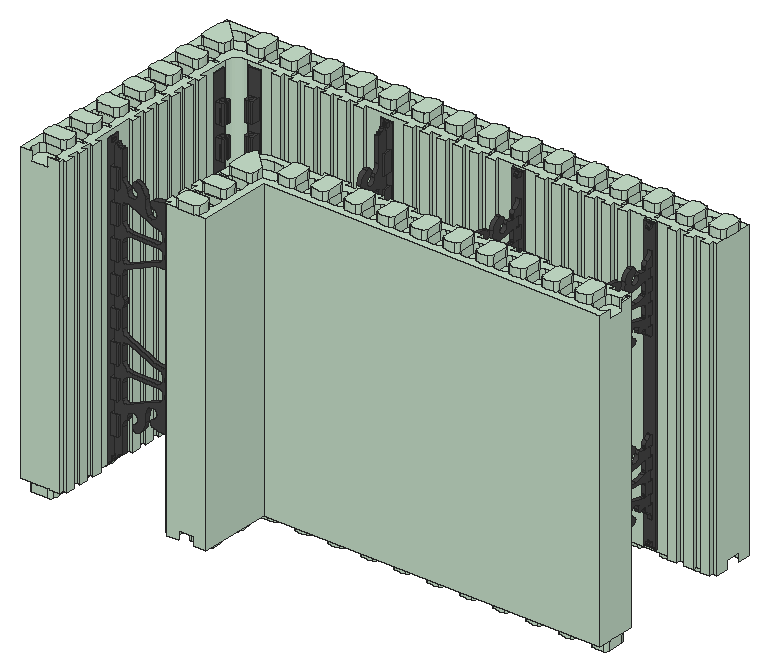
Revit family (continued)
Definition of nested family "6-inch Web"
  Forms (in)
    Extrusion 1, solid, material "Polypropylene- NUDURA"
      sketch origin (0, 0, -0.5) x (0, 1, 0) y (0, 0, 1)
        loop
          arc (1.77171, 12.63104) -> (1.74446, 13.18492) -> (2.18179, 12.84395) r 0.305
          arc (2.18179, 12.84395) -> (2.20889, 12.75657) -> (2.29847, 12.73805) r 0.09
          arc (2.29847, 12.73805) -> (2.49379, 12.78721) -> (2.695, 12.79623) r 1
          line (2.695, 12.79623) -> (2.80974, 12.79623) -> (2.80974, 12.7262) -> (2.7525, 12.7262)
          arc (2.7525, 12.7262) -> (2.7083, 12.7079) -> (2.69, 12.6637) r 0.0625
          line (2.69, 12.6637) -> (2.69, 12.5962)
          arc (2.69, 12.5962) -> (2.73587, 12.45187) -> (2.85666, 12.3605) r 0.25
          arc (2.85666, 12.3605) -> (2.98601, 12.29206) -> (3.09, 12.1891) r 0.5
          line (3.09, 12.1891) -> (3.19, 12.1891) -> (3.19, 12.7887)
          arc (3.19, 12.7887) -> (3.17169, 12.74451) -> (3.1275, 12.7262) r 0.0625
          line (3.1275, 12.7262) -> (2.8844, 12.7262) -> (2.8844, 12.79623) -> (2.995, 12.79623) -> (2.995, 13.2962) -> (2.8844, 13.2962) -> (2.8844, 13.3662) -> (3.1275, 13.3662)
          arc (3.1275, 13.3662) -> (3.17169, 13.3479) -> (3.19, 13.3037) r 0.0625
          line (3.19, 13.3037) -> (3.19, 14.0887)
          arc (3.19, 14.0887) -> (3.17169, 14.04451) -> (3.1275, 14.0262) r 0.0625
          line (3.1275, 14.0262) -> (2.8844, 14.0262) -> (2.8844, 14.0962) -> (2.995, 14.0962) -> (2.995, 14.5962) -> (2.8844, 14.5962) -> (2.8844, 14.6662) -> (3.1275, 14.6662)
          arc (3.1275, 14.6662) -> (3.17169, 14.6479) -> (3.19, 14.6037) r 0.0625
          line (3.19, 14.6037) -> (3.19, 15.3887)
          arc (3.19, 15.3887) -> (3.17169, 15.34451) -> (3.1275, 15.3262) r 0.0625
          line (3.1275, 15.3262) -> (2.8844, 15.3262) -> (2.8844, 15.3962) -> (2.995, 15.3962)
        loop
          line (0.38913, 14.4362) -> (1.98527, 14.4362)
          arc (1.98527, 14.4362) -> (2.29477, 14.47239) -> (2.59139, 14.56787) r 1.6
          arc (2.59139, 14.56787) -> (2.64143, 14.5885) -> (2.695, 14.5962) r 0.21872
          line (2.695, 14.5962) -> (2.80974, 14.5962) -> (2.80974, 14.6662) -> (2.7525, 14.6662)
          arc (2.7525, 14.6662) -> (2.7083, 14.68451) -> (2.69, 14.7287) r 0.0625
          line (2.69, 14.7287) -> (2.69, 15.2637)
          arc (2.69, 15.2637) -> (2.7083, 15.3079) -> (2.7525, 15.3262) r 0.0625
          line (2.7525, 15.3262) -> (2.80974, 15.3262) -> (2.80974, 15.3962) -> (2.695, 15.3962)
          arc (2.695, 15.3962) -> (2.62256, 15.38693) -> (2.551, 15.3724) r 1
          line (2.551, 15.3724) -> (0.33976, 14.89084)
          arc (0.33976, 14.89084) -> (0.16047, 14.64137) -> (0.38913, 14.4362) r 0.23
        loop
          arc (2.695, 14.0962) -> (2.64143, 14.10391) -> (2.59139, 14.12453) r 0.21872
          arc (2.59139, 14.12453) -> (2.29477, 14.22002) -> (1.98527, 14.2562) r 1.6
          line (1.98527, 14.2562) -> (0.38913, 14.2562)
          arc (0.38913, 14.2562) -> (0.16047, 14.05103) -> (0.33976, 13.80156) r 0.23
          line (0.33976, 13.80156) -> (2.551, 13.32001)
          arc (2.551, 13.32001) -> (2.62256, 13.30547) -> (2.695, 13.2962) r 1
          line (2.695, 13.2962) -> (2.80974, 13.2962) -> (2.80974, 13.3662) -> (2.7525, 13.3662)
          arc (2.7525, 13.3662) -> (2.7083, 13.38451) -> (2.69, 13.4287) r 0.0625
          line (2.69, 13.4287) -> (2.69, 13.9637)
          arc (2.69, 13.9637) -> (2.7083, 14.0079) -> (2.7525, 14.0262) r 0.0625
          line (2.7525, 14.0262) -> (2.80974, 14.0262) -> (2.80974, 14.0962) -> (2.695, 14.0962)
        loop
          arc (-2.59482, 15.38194) -> (-2.64473, 15.39034) -> (-2.695, 15.3962) r 1
          line (-2.695, 15.3962) -> (-2.80974, 15.3962) -> (-2.80974, 15.3262) -> (-2.7525, 15.3262)
          arc (-2.7525, 15.3262) -> (-2.7083, 15.3079) -> (-2.69, 15.2637) r 0.0625
          line (-2.69, 15.2637) -> (-2.69, 14.7287)
          arc (-2.69, 14.7287) -> (-2.7083, 14.68451) -> (-2.7525, 14.6662) r 0.0625
          line (-2.7525, 14.6662) -> (-2.80974, 14.6662) -> (-2.80974, 14.5962) -> (-2.695, 14.5962)
          arc (-2.695, 14.5962) -> (-2.64143, 14.5885) -> (-2.59139, 14.56787) r 0.21872
          arc (-2.59139, 14.56787) -> (-2.29477, 14.47239) -> (-1.98527, 14.4362) r 1.6
          line (-1.98527, 14.4362) -> (-0.38913, 14.4362)
          arc (-0.38913, 14.4362) -> (-0.16047, 14.64137) -> (-0.33976, 14.89084) r 0.23
          line (-0.33976, 14.89084) -> (-2.59482, 15.38194)
        loop
          line (-2.695, 14.0962) -> (-2.80974, 14.0962) -> (-2.80974, 14.0262) -> (-2.7525, 14.0262)
          arc (-2.7525, 14.0262) -> (-2.7083, 14.0079) -> (-2.69, 13.9637) r 0.0625
          line (-2.69, 13.9637) -> (-2.69, 13.4287)
          arc (-2.69, 13.4287) -> (-2.7083, 13.38451) -> (-2.7525, 13.3662) r 0.0625
          line (-2.7525, 13.3662) -> (-2.80974, 13.3662) -> (-2.80974, 13.2962) -> (-2.695, 13.2962)
          arc (-2.695, 13.2962) -> (-2.62256, 13.30547) -> (-2.551, 13.32001) r 1
          line (-2.551, 13.32001) -> (-0.33976, 13.80156)
          arc (-0.33976, 13.80156) -> (-0.16047, 14.05103) -> (-0.38913, 14.2562) r 0.23
          line (-0.38913, 14.2562) -> (-1.98527, 14.2562)
          arc (-1.98527, 14.2562) -> (-2.29477, 14.22002) -> (-2.59139, 14.12453) r 1.6
          arc (-2.59139, 14.12453) -> (-2.64143, 14.10391) -> (-2.695, 14.0962) r 0.21872
        loop
          line (3.19, 18.01497) -> (3.19, 18.26376)
          arc (3.19, 18.26376) -> (3.18585, 18.24855) -> (3.17457, 18.23754) r 0.03
          line (3.17457, 18.23754) -> (3.00543, 18.14357)
          arc (3.00543, 18.14357) -> (2.99414, 18.13256) -> (2.99, 18.11735) r 0.03
          line (2.99, 18.11735) -> (2.99, 18.04614)
          arc (2.99, 18.04614) -> (2.99625, 18.03161) -> (3.01111, 18.02617) r 0.02
          line (3.01111, 18.02617) -> (3.16889, 18.03494)
          arc (3.16889, 18.03494) -> (3.18374, 18.0295) -> (3.19, 18.01497) r 0.02
        loop
          arc (-3.19, 18.01497) -> (-3.18374, 18.0295) -> (-3.16889, 18.03494) r 0.02
          line (-3.16889, 18.03494) -> (-3.01111, 18.02617)
          arc (-3.01111, 18.02617) -> (-2.99625, 18.03161) -> (-2.99, 18.04614) r 0.02
          line (-2.99, 18.04614) -> (-2.99, 18.11735)
          arc (-2.99, 18.11735) -> (-2.99414, 18.13256) -> (-3.00543, 18.14357) r 0.03
          line (-3.00543, 18.14357) -> (-3.17457, 18.23754)
          arc (-3.17457, 18.23754) -> (-3.18585, 18.24855) -> (-3.19, 18.26376) r 0.03
          line (-3.19, 18.26376) -> (-3.19, 18.01497)
      from -0.125 to 0.125
    Extrusion 2, solid, material "Polypropylene- NUDURA"
      sketch origin (0, 0, 0) x (0, 1, 0) y (0, 0, 1)
        loop
          line (3.19, 17.8125) -> (3.19, 0.1875)
          arc (3.19, 0.1875) -> (3.2092, 0.14243) -> (3.255, 0.12505) r 0.0625
          arc (3.255, 0.12505) -> (3.3008, 0.14243) -> (3.32, 0.1875) r 0.0625
          line (3.32, 0.1875) -> (3.32, 17.8125)
          arc (3.32, 17.8125) -> (3.3008, 17.85757) -> (3.255, 17.87495) r 0.0625
          arc (3.255, 17.87495) -> (3.2092, 17.85757) -> (3.19, 17.8125) r 0.0625
        loop
          arc (-3.19, 17.8125) -> (-3.2092, 17.85757) -> (-3.255, 17.87495) r 0.0625
          arc (-3.255, 17.87495) -> (-3.3008, 17.85757) -> (-3.32, 17.8125) r 0.0625
          line (-3.32, 17.8125) -> (-3.32, 0.1875)
          arc (-3.32, 0.1875) -> (-3.3008, 0.14243) -> (-3.255, 0.12505) r 0.0625
          arc (-3.255, 0.12505) -> (-3.2092, 0.14243) -> (-3.19, 0.1875) r 0.0625
          line (-3.19, 0.1875) -> (-3.19, 17.8125)
      from -0.36328 to 0.36328
Definition of nested family "6 inch Insert Web"
  Reference planes (in)
    plane 1 "Center (Front/Back)": y = 0
    plane 2: z = 0
    plane 3 "Center (Left/Right)": x = 0
  Forms (in)
    Extrusion 1, solid, material "High Density Polystyrene- NUDURA"
      sketch origin (0, 0, 0) x (0, 1, 0) y (0, 0, 1)
        loop
          line (3.25, 0) -> (3.25, 17.74583)
          arc (3.25, 17.74583) -> (3.22112, 17.72608) -> (3.21, 17.69292) r 0.055
          line (3.21, 17.69292) -> (3.21, 0.05292)
          arc (3.21, 0.05292) -> (3.22112, 0.01975) -> (3.25, 0) r 0.055
        loop
          arc (-3.25, 0) -> (-3.22112, 0.01975) -> (-3.21, 0.05292) r 0.055
          line (-3.21, 0.05292) -> (-3.21, 17.69292)
          arc (-3.21, 17.69292) -> (-3.22112, 17.72608) -> (-3.25, 17.74583) r 0.055
          line (-3.25, 17.74583) -> (-3.25, 0)
      from 0.36328 to -0.36328
    Extrusion 2, solid, material "Polypropylene- NUDURA"
      sketch origin (0, 0, 0) x (0, 1, 0) y (0, 0, 1)
        loop
          arc (3.18889, 17.40785) -> (3.20374, 17.40241) -> (3.21, 17.38789) r 0.02
          line (3.21, 17.38789) -> (3.21, 17.63668)
          arc (3.21, 17.63668) -> (3.20585, 17.62147) -> (3.19457, 17.61045) r 0.03
          line (3.19457, 17.61045) -> (3.12543, 17.57204)
          arc (3.12543, 17.57204) -> (3.11414, 17.56103) -> (3.11, 17.54582) r 0.03
          line (3.11, 17.54582) -> (3.11, 17.42461)
          arc (3.11, 17.42461) -> (3.11625, 17.41008) -> (3.13111, 17.40464) r 0.02
          line (3.13111, 17.40464) -> (3.18889, 17.40785)
        loop
          line (-3.12543, 17.57204) -> (-3.19457, 17.61045)
          arc (-3.19457, 17.61045) -> (-3.20585, 17.62147) -> (-3.21, 17.63668) r 0.03
          line (-3.21, 17.63668) -> (-3.21, 17.38789)
          arc (-3.21, 17.38789) -> (-3.20374, 17.40241) -> (-3.18889, 17.40785) r 0.02
          line (-3.18889, 17.40785) -> (-3.13111, 17.40464)
          arc (-3.13111, 17.40464) -> (-3.11625, 17.41008) -> (-3.11, 17.42461) r 0.02
          line (-3.11, 17.42461) -> (-3.11, 17.54582)
          arc (-3.11, 17.54582) -> (-3.11414, 17.56103) -> (-3.12543, 17.57204) r 0.03
        loop
          line (3.18889, 0.33798) -> (3.13111, 0.34119)
          arc (3.13111, 0.34119) -> (3.11625, 0.33575) -> (3.11, 0.32122) r 0.02
          line (3.11, 0.32122) -> (3.11, 0.20001)
          arc (3.11, 0.20001) -> (3.11414, 0.1848) -> (3.12543, 0.17379) r 0.03
          line (3.12543, 0.17379) -> (3.19457, 0.13538)
          arc (3.19457, 0.13538) -> (3.20585, 0.12437) -> (3.21, 0.10915) r 0.03
          line (3.21, 0.10915) -> (3.21, 0.35795)
          arc (3.21, 0.35795) -> (3.20374, 0.34342) -> (3.18889, 0.33798) r 0.02
        loop
          arc (-3.12543, 0.17379) -> (-3.11414, 0.1848) -> (-3.11, 0.20001) r 0.03
          line (-3.11, 0.20001) -> (-3.11, 0.32122)
          arc (-3.11, 0.32122) -> (-3.11625, 0.33575) -> (-3.13111, 0.34119) r 0.02
          line (-3.13111, 0.34119) -> (-3.18889, 0.33798)
          arc (-3.18889, 0.33798) -> (-3.20374, 0.34342) -> (-3.21, 0.35795) r 0.02
          line (-3.21, 0.35795) -> (-3.21, 0.10915)
          arc (-3.21, 0.10915) -> (-3.20585, 0.12437) -> (-3.19457, 0.13538) r 0.03
          line (-3.19457, 0.13538) -> (-3.12543, 0.17379)
        loop
          line (3, 17.20772) -> (2.925, 17.43772)
          arc (2.925, 17.43772) -> (2.875, 17.46772) -> (2.825, 17.43772) r 0.05667
          line (2.825, 17.43772) -> (2.77609, 17.28772) -> (2.64893, 17.28772)
          arc (2.64893, 17.28772) -> (2.61433, 17.27339) -> (2.6, 17.2388) r 0.04893
          line (2.6, 17.2388) -> (2.6, 17.20772) -> (2.5, 17.20772) -> (2.5, 15.69241)
          arc (2.5, 15.69241) -> (2.43087, 15.42546) -> (2.24086, 15.22561) r 0.55
          arc (2.24086, 15.22561) -> (2.19232, 15.16934) -> (2.1843, 15.09547) r 0.125
          arc (2.1843, 15.09547) -> (1.73923, 14.76887) -> (1.77171, 15.31996) r 0.305
          arc (1.77171, 15.31996) -> (1.89426, 15.60593) -> (1.60829, 15.72848) r 0.22
          arc (1.60829, 15.72848) -> (1.25428, 15.43329) -> (1.14171, 14.98632) r 0.745
          arc (1.14171, 14.98632) -> (1.09808, 14.57137) -> (0.96932, 14.1745) r 2
          arc (0.96932, 14.1745) -> (0.47025, 14.17077) -> (0.63581, 14.64159) r 0.305
          arc (0.63581, 14.64159) -> (0.81067, 14.86591) -> (0.64859, 15.09964) r 0.24
          arc (0.64859, 15.09964) -> (0.32877, 15.18052) -> (0, 15.20772) r 2
          arc (0, 15.20772) -> (-0.32877, 15.18052) -> (-0.64859, 15.09964) r 2
          arc (-0.64859, 15.09964) -> (-0.81067, 14.86591) -> (-0.63581, 14.64159) r 0.24
          arc (-0.63581, 14.64159) -> (-0.47025, 14.17077) -> (-0.96932, 14.1745) r 0.305
          arc (-0.96932, 14.1745) -> (-1.09808, 14.57137) -> (-1.14171, 14.98632) r 2
          arc (-1.14171, 14.98632) -> (-1.25428, 15.43329) -> (-1.60829, 15.72848) r 0.745
          arc (-1.60829, 15.72848) -> (-1.89426, 15.60593) -> (-1.77171, 15.31996) r 0.22
          arc (-1.77171, 15.31996) -> (-1.73923, 14.76887) -> (-2.1843, 15.09547) r 0.305
          arc (-2.1843, 15.09547) -> (-2.19232, 15.16934) -> (-2.24086, 15.22561) r 0.125
          arc (-2.24086, 15.22561) -> (-2.43087, 15.42546) -> (-2.5, 15.69241) r 0.55
          line (-2.5, 15.69241) -> (-2.5, 17.20772) -> (-2.6, 17.20772) -> (-2.6, 17.2388)
          arc (-2.6, 17.2388) -> (-2.61433, 17.27339) -> (-2.64893, 17.28772) r 0.04893
          line (-2.64893, 17.28772) -> (-2.77609, 17.28772) -> (-2.825, 17.43772)
          arc (-2.825, 17.43772) -> (-2.875, 17.46772) -> (-2.925, 17.43772) r 0.05667
          line (-2.925, 17.43772) -> (-3, 17.20772) -> (-3, 0.66519) -> (-2.925, 0.43519)
          arc (-2.925, 0.43519) -> (-2.875, 0.40519) -> (-2.825, 0.43519) r 0.05667
          line (-2.825, 0.43519) -> (-2.77609, 0.58519) -> (-2.64893, 0.58519)
          arc (-2.64893, 0.58519) -> (-2.61433, 0.59952) -> (-2.6, 0.63412) r 0.04893
          line (-2.6, 0.63412) -> (-2.6, 0.66519) -> (-2.5, 0.66519) -> (-2.5, 2.18051)
          arc (-2.5, 2.18051) -> (-2.43087, 2.44746) -> (-2.24086, 2.6473) r 0.55
          arc (-2.24086, 2.6473) -> (-2.19232, 2.70357) -> (-2.1843, 2.77745) r 0.125
          arc (-2.1843, 2.77745) -> (-1.73923, 3.10405) -> (-1.77171, 2.55296) r 0.305
          arc (-1.77171, 2.55296) -> (-1.89426, 2.26698) -> (-1.60829, 2.14443) r 0.22
          arc (-1.60829, 2.14443) -> (-1.25428, 2.43963) -> (-1.14171, 2.8866) r 0.745
          arc (-1.14171, 2.8866) -> (-1.09808, 3.30155) -> (-0.96932, 3.69841) r 2
          arc (-0.96932, 3.69841) -> (-0.47025, 3.70214) -> (-0.63581, 3.23133) r 0.305
          arc (-0.63581, 3.23133) -> (-0.81067, 3.00701) -> (-0.64859, 2.77328) r 0.24
          arc (-0.64859, 2.77328) -> (-0.32877, 2.6924) -> (0, 2.66519) r 2
          arc (0, 2.66519) -> (0.32877, 2.6924) -> (0.64859, 2.77328) r 2
          arc (0.64859, 2.77328) -> (0.81067, 3.00701) -> (0.63581, 3.23133) r 0.24
          arc (0.63581, 3.23133) -> (0.47025, 3.70214) -> (0.96932, 3.69841) r 0.305
          arc (0.96932, 3.69841) -> (1.09808, 3.30155) -> (1.14171, 2.8866) r 2
          arc (1.14171, 2.8866) -> (1.25428, 2.43963) -> (1.60829, 2.14443) r 0.745
          arc (1.60829, 2.14443) -> (1.89426, 2.26698) -> (1.77171, 2.55296) r 0.22
          arc (1.77171, 2.55296) -> (1.73923, 3.10405) -> (2.1843, 2.77745) r 0.305
          arc (2.1843, 2.77745) -> (2.19232, 2.70357) -> (2.24086, 2.6473) r 0.125
          arc (2.24086, 2.6473) -> (2.43087, 2.44746) -> (2.5, 2.18051) r 0.55
          line (2.5, 2.18051) -> (2.5, 0.66519) -> (2.6, 0.66519) -> (2.6, 0.63412)
          arc (2.6, 0.63412) -> (2.61433, 0.59952) -> (2.64893, 0.58519) r 0.04893
          line (2.64893, 0.58519) -> (2.77609, 0.58519) -> (2.825, 0.43519)
          arc (2.825, 0.43519) -> (2.875, 0.40519) -> (2.925, 0.43519) r 0.05667
          line (2.925, 0.43519) -> (3, 0.66519) -> (3, 17.20772)
        loop
          line (0.3725, 12.82772) -> (2, 12.82772)
          arc (2, 12.82772) -> (2.35355, 12.97417) -> (2.5, 13.32772) r 0.5
          line (2.5, 13.32772) -> (2.5, 14.17596)
          arc (2.5, 14.17596) -> (2.38418, 14.38691) -> (2.14403, 14.40239) r 0.25
          line (2.14403, 14.40239) -> (0.95372, 13.84533)
          arc (0.95372, 13.84533) -> (0.66944, 13.7351) -> (0.37286, 13.66431) r 2.25
          arc (0.37286, 13.66431) -> (0.14871, 13.53669) -> (0.06, 13.29449) r 0.375
          line (0.06, 13.29449) -> (0.06, 13.14022)
          arc (0.06, 13.14022) -> (0.15153, 12.91925) -> (0.3725, 12.82772) r 0.3125
        loop
          arc (-0.06, 13.29449) -> (-0.14871, 13.53669) -> (-0.37286, 13.66431) r 0.375
          arc (-0.37286, 13.66431) -> (-0.66944, 13.7351) -> (-0.95372, 13.84533) r 2.25
          line (-0.95372, 13.84533) -> (-2.14403, 14.40239)
          arc (-2.14403, 14.40239) -> (-2.38418, 14.38691) -> (-2.5, 14.17596) r 0.25
          line (-2.5, 14.17596) -> (-2.5, 13.32772)
          arc (-2.5, 13.32772) -> (-2.35355, 12.97417) -> (-2, 12.82772) r 0.5
          line (-2, 12.82772) -> (-0.3725, 12.82772)
          arc (-0.3725, 12.82772) -> (-0.15153, 12.91925) -> (-0.06, 13.14022) r 0.3125
          line (-0.06, 13.14022) -> (-0.06, 13.29449)
        loop
          line (-2.5, 12.14772) -> (-2.5, 11.29949)
          arc (-2.5, 11.29949) -> (-2.38418, 11.08854) -> (-2.14403, 11.07306) r 0.25
          line (-2.14403, 11.07306) -> (-0.95372, 11.63012)
          arc (-0.95372, 11.63012) -> (-0.66944, 11.74035) -> (-0.37286, 11.81114) r 2.25
          arc (-0.37286, 11.81114) -> (-0.14871, 11.93876) -> (-0.06, 12.18096) r 0.375
          line (-0.06, 12.18096) -> (-0.06, 12.33522)
          arc (-0.06, 12.33522) -> (-0.15153, 12.5562) -> (-0.3725, 12.64772) r 0.3125
          line (-0.3725, 12.64772) -> (-2, 12.64772)
          arc (-2, 12.64772) -> (-2.35355, 12.50128) -> (-2.5, 12.14772) r 0.5
        loop
          line (0.06, 12.33522) -> (0.06, 12.18096)
          arc (0.06, 12.18096) -> (0.14871, 11.93876) -> (0.37286, 11.81114) r 0.375
          arc (0.37286, 11.81114) -> (0.66944, 11.74035) -> (0.95372, 11.63012) r 2.25
          line (0.95372, 11.63012) -> (2.14403, 11.07306)
          arc (2.14403, 11.07306) -> (2.38418, 11.08854) -> (2.5, 11.29949) r 0.25
          line (2.5, 11.29949) -> (2.5, 12.14772)
          arc (2.5, 12.14772) -> (2.35355, 12.50128) -> (2, 12.64772) r 0.5
          line (2, 12.64772) -> (0.3725, 12.64772)
          arc (0.3725, 12.64772) -> (0.15153, 12.5562) -> (0.06, 12.33522) r 0.3125
        loop
          line (-2.5, 9.24881) -> (-2.38, 9.04881) -> (-2.38, 8.93646) -> (-2.38, 8.82411) -> (-2.5, 8.62411) -> (-2.5, 7.48324)
          arc (-2.5, 7.48324) -> (-2.42188, 7.21488) -> (-2.21194, 7.03038) r 0.5
          line (-2.21194, 7.03038) -> (-0.95372, 6.44153)
          arc (-0.95372, 6.44153) -> (-0.48851, 6.28308) -> (0, 6.2294) r 2.25
          arc (0, 6.2294) -> (0.48851, 6.28308) -> (0.95372, 6.44153) r 2.25
          line (0.95372, 6.44153) -> (2.21194, 7.03038)
          arc (2.21194, 7.03038) -> (2.42188, 7.21488) -> (2.5, 7.48324) r 0.5
          line (2.5, 7.48324) -> (2.5, 8.62411) -> (2.38, 8.82411) -> (2.38, 8.93646) -> (2.38, 9.04881) -> (2.5, 9.24881) -> (2.5, 10.38968)
          arc (2.5, 10.38968) -> (2.42188, 10.65803) -> (2.21194, 10.84254) r 0.5
          line (2.21194, 10.84254) -> (0.95372, 11.43138)
          arc (0.95372, 11.43138) -> (0.48851, 11.58984) -> (0, 11.64351) r 2.25
          arc (0, 11.64351) -> (-0.48851, 11.58984) -> (-0.95372, 11.43138) r 2.25
          line (-0.95372, 11.43138) -> (-2.21194, 10.84254)
          arc (-2.21194, 10.84254) -> (-2.42188, 10.65803) -> (-2.5, 10.38968) r 0.5
          line (-2.5, 10.38968) -> (-2.5, 9.24881)
        loop
          line (-2.5, 6.57343) -> (-2.5, 5.72519)
          arc (-2.5, 5.72519) -> (-2.35355, 5.37164) -> (-2, 5.22519) r 0.5
          line (-2, 5.22519) -> (-0.3725, 5.22519)
          arc (-0.3725, 5.22519) -> (-0.15153, 5.31672) -> (-0.06, 5.53769) r 0.3125
          line (-0.06, 5.53769) -> (-0.06, 5.69196)
          arc (-0.06, 5.69196) -> (-0.14871, 5.93416) -> (-0.37286, 6.06178) r 0.375
          arc (-0.37286, 6.06178) -> (-0.66944, 6.13256) -> (-0.95372, 6.2428) r 2.25
          line (-0.95372, 6.2428) -> (-2.14403, 6.79986)
          arc (-2.14403, 6.79986) -> (-2.38418, 6.78437) -> (-2.5, 6.57343) r 0.25
        loop
          line (0.3725, 5.22519) -> (2, 5.22519)
          arc (2, 5.22519) -> (2.35355, 5.37164) -> (2.5, 5.72519) r 0.5
          line (2.5, 5.72519) -> (2.5, 6.57343)
          arc (2.5, 6.57343) -> (2.38418, 6.78437) -> (2.14403, 6.79986) r 0.25
          line (2.14403, 6.79986) -> (0.95372, 6.2428)
          arc (0.95372, 6.2428) -> (0.66944, 6.13256) -> (0.37286, 6.06178) r 2.25
          arc (0.37286, 6.06178) -> (0.14871, 5.93416) -> (0.06, 5.69196) r 0.375
          line (0.06, 5.69196) -> (0.06, 5.53769)
          arc (0.06, 5.53769) -> (0.15153, 5.31672) -> (0.3725, 5.22519) r 0.3125
        loop
          line (0.06, 4.73269) -> (0.06, 4.57842)
          arc (0.06, 4.57842) -> (0.14871, 4.33622) -> (0.37286, 4.20861) r 0.375
          arc (0.37286, 4.20861) -> (0.66944, 4.13782) -> (0.95372, 4.02759) r 2.25
          line (0.95372, 4.02759) -> (2.14403, 3.47052)
          arc (2.14403, 3.47052) -> (2.38418, 3.48601) -> (2.5, 3.69695) r 0.25
          line (2.5, 3.69695) -> (2.5, 4.54519)
          arc (2.5, 4.54519) -> (2.35355, 4.89874) -> (2, 5.04519) r 0.5
          line (2, 5.04519) -> (0.3725, 5.04519)
          arc (0.3725, 5.04519) -> (0.15153, 4.95366) -> (0.06, 4.73269) r 0.3125
        loop
          line (-0.06, 4.57842) -> (-0.06, 4.73269)
          arc (-0.06, 4.73269) -> (-0.15153, 4.95366) -> (-0.3725, 5.04519) r 0.3125
          line (-0.3725, 5.04519) -> (-2, 5.04519)
          arc (-2, 5.04519) -> (-2.35355, 4.89874) -> (-2.5, 4.54519) r 0.5
          line (-2.5, 4.54519) -> (-2.5, 3.69695)
          arc (-2.5, 3.69695) -> (-2.38418, 3.48601) -> (-2.14403, 3.47052) r 0.25
          line (-2.14403, 3.47052) -> (-0.95372, 4.02759)
          arc (-0.95372, 4.02759) -> (-0.66944, 4.13782) -> (-0.37286, 4.20861) r 2.25
          arc (-0.37286, 4.20861) -> (-0.14871, 4.33622) -> (-0.06, 4.57842) r 0.375
      from 0.125 to -0.125
    Extrusion 3, solid, material "High Density Polystyrene- NUDURA"
      sketch origin (0, 0, 0) x (0, 1, 0) y (0, 0, 1)
        loop
          line (3.21, 16.17792) -> (2.71, 16.17792) -> (2.71, 14.97792) -> (3.21, 14.97792) -> (3.21, 16.17792)
        loop
          line (3.21, 14.22792) -> (2.71, 14.22792) -> (2.71, 13.02792) -> (3.21, 13.02792) -> (3.21, 14.22792)
        loop
          line (3.21, 12.27792) -> (2.71, 12.27792) -> (2.71, 11.07792) -> (3.21, 11.07792) -> (3.21, 12.27792)
        loop
          line (3.21, 10.32792) -> (2.71, 10.32792) -> (2.71, 9.24792) -> (3.21, 9.24792) -> (3.21, 10.32792)
        loop
          line (3.21, 8.49792) -> (2.71, 8.49792) -> (2.71, 7.41792) -> (3.21, 7.41792) -> (3.21, 8.49792)
        loop
          line (3.21, 6.66792) -> (2.71, 6.66792) -> (2.71, 5.46792) -> (3.21, 5.46792) -> (3.21, 6.66792)
        loop
          line (3.21, 4.71792) -> (2.71, 4.71792) -> (2.71, 3.51792) -> (3.21, 3.51792) -> (3.21, 4.71792)
        loop
          line (3.21, 2.76792) -> (2.71, 2.76792) -> (2.71, 1.56792) -> (3.21, 1.56792) -> (3.21, 2.76792)
        loop
          line (-3.21, 16.17792) -> (-3.21, 14.97792) -> (-2.71, 14.97792) -> (-2.71, 16.17792) -> (-3.21, 16.17792)
        loop
          line (-3.21, 14.22792) -> (-3.21, 13.02792) -> (-2.71, 13.02792) -> (-2.71, 14.22792) -> (-3.21, 14.22792)
        loop
          line (-3.21, 12.27792) -> (-3.21, 11.07792) -> (-2.71, 11.07792) -> (-2.71, 12.27792) -> (-3.21, 12.27792)
        loop
          line (-3.21, 10.32792) -> (-3.21, 9.24792) -> (-2.71, 9.24792) -> (-2.71, 10.32792) -> (-3.21, 10.32792)
        loop
          line (-3.21, 8.49792) -> (-3.21, 7.41792) -> (-2.71, 7.41792) -> (-2.71, 8.49792) -> (-3.21, 8.49792)
        loop
          line (-3.21, 6.66792) -> (-3.21, 5.46792) -> (-2.71, 5.46792) -> (-2.71, 6.66792) -> (-3.21, 6.66792)
        loop
          line (-3.21, 4.71792) -> (-3.21, 3.51792) -> (-2.71, 3.51792) -> (-2.71, 4.71792) -> (-3.21, 4.71792)
        loop
          line (-3.21, 2.76792) -> (-3.21, 1.56792) -> (-2.71, 1.56792) -> (-2.71, 2.76792) -> (-3.21, 2.76792)
      from 0.25 to -0.25
    Extrusion 4, void
      sketch origin (0, 0, 0) x (1, 0, 0) y (0, 1, 0)
        loop
          line (-0.25, 2.79249) -> (-0.25, 2.71) -> (-0.1675, 2.71)
          arc (-0.1675, 2.71) -> (-0.22584, 2.73416) -> (-0.25, 2.79249) r 0.0825
      from 0 to 18
    Extrusion 5, void
      sketch origin (0, 0, 0) x (-1, 0, 0) y (0, -1, 0)
        loop
          arc (-0.25, -2.79249) -> (-0.22584, -2.73416) -> (-0.1675, -2.71) r 0.0825
          line (-0.1675, -2.71) -> (-0.25, -2.71) -> (-0.25, -2.79249)
      from 0 to 18
    Extrusion 6, void
      sketch origin (0, 0, 0) x (1, 0, 0) y (0, 1, 0)
        loop
          arc (-0.25, -2.79249) -> (-0.22584, -2.73416) -> (-0.1675, -2.71) r 0.0825
          line (-0.1675, -2.71) -> (-0.25, -2.71) -> (-0.25, -2.79249)
      from 0 to 18
    Extrusion 7, void
      sketch origin (0, 0, 0) x (-1, 0, 0) y (0, -1, 0)
        loop
          line (-0.25, 2.79249) -> (-0.25, 2.71) -> (-0.1675, 2.71)
          arc (-0.1675, 2.71) -> (-0.22584, 2.73416) -> (-0.25, 2.79249) r 0.0825
      from 0 to 18
  Cuts and joins
    Extrusion 4, Extrusion 5, Extrusion 6, Extrusion 7 cuts Extrusion 1
    Extrusion 4, Extrusion 5, Extrusion 6, Extrusion 7 cuts Extrusion 3
Definition of nested family "Capture Lug"
  Reference planes (in)
    plane 1 "Center (Front/Back)": y = 0
    plane 2: z = 0
    plane 3 "Center (Left/Right)": x = 0
  Forms (in)
    Extrusion 1, solid, material "High Density Polystyrene- NUDURA"
      sketch origin (0, 0, 0) x (0, 1, 0) y (0, 0, 1)
        loop
          arc (-3.25, 0) -> (-3.22112, 0.01975) -> (-3.21, 0.05292) r 0.055
          line (-3.21, 0.05292) -> (-3.21, 17.69292)
          arc (-3.21, 17.69292) -> (-3.22112, 17.72608) -> (-3.25, 17.74583) r 0.055
          line (-3.25, 17.74583) -> (-3.25, 0)
      from 0.36328 to -0.36328
    Extrusion 2, solid, material "High Density Polystyrene- NUDURA"
      sketch origin (0, 0, 0) x (0, 1, 0) y (0, 0, 1)
        loop
          line (-3.21, 16.17792) -> (-3.21, 14.97792) -> (-2.71, 14.97792) -> (-2.71, 16.17792) -> (-3.21, 16.17792)
        loop
          line (-3.21, 14.22792) -> (-3.21, 13.02792) -> (-2.71, 13.02792) -> (-2.71, 14.22792) -> (-3.21, 14.22792)
        loop
          line (-3.21, 12.27792) -> (-3.21, 11.07792) -> (-2.71, 11.07792) -> (-2.71, 12.27792) -> (-3.21, 12.27792)
        loop
          line (-3.21, 10.32792) -> (-3.21, 9.24792) -> (-2.71, 9.24792) -> (-2.71, 10.32792) -> (-3.21, 10.32792)
        loop
          line (-3.21, 8.49792) -> (-3.21, 7.41792) -> (-2.71, 7.41792) -> (-2.71, 8.49792) -> (-3.21, 8.49792)
        loop
          line (-3.21, 6.66792) -> (-3.21, 5.46792) -> (-2.71, 5.46792) -> (-2.71, 6.66792) -> (-3.21, 6.66792)
        loop
          line (-3.21, 4.71792) -> (-3.21, 3.51792) -> (-2.71, 3.51792) -> (-2.71, 4.71792) -> (-3.21, 4.71792)
        loop
          line (-3.21, 2.76792) -> (-3.21, 1.56792) -> (-2.71, 1.56792) -> (-2.71, 2.76792) -> (-3.21, 2.76792)
      from 0.25 to -0.25
    Extrusion 3, void
      sketch origin (0, 0, 0) x (1, 0, 0) y (0, 1, 0)
        loop
          arc (-0.25, -2.79249) -> (-0.22584, -2.73416) -> (-0.1675, -2.71) r 0.0825
          line (-0.1675, -2.71) -> (-0.25, -2.71) -> (-0.25, -2.79249)
      from 0 to 18
    Extrusion 4, void
      sketch origin (0, 0, 0) x (-1, 0, 0) y (0, -1, 0)
        loop
          line (-0.25, 2.79249) -> (-0.25, 2.71) -> (-0.1675, 2.71)
          arc (-0.1675, 2.71) -> (-0.22584, 2.73416) -> (-0.25, 2.79249) r 0.0825
      from 0 to 18
    Extrusion 5, void
      sketch origin (0, 0, 0) x (1, 0, 0) y (0, 1, 0)
        loop
          arc (-0.04687, -2.835) -> (0, -3.07587) -> (0.04688, -2.835) r 0.125
          line (0.04688, -2.835) -> (0.04688, -2.71) -> (-0.04687, -2.71) -> (-0.04687, -2.835)
      from 0 to 18
  Cuts and joins
    Extrusion 3, Extrusion 4 cuts Extrusion 1
    Extrusion 3, Extrusion 4, Extrusion 5 cuts Extrusion 2
Definition of nested family "NUDURA Diamond Pattern"
  Reference planes (in)
    plane 1 "Center (Front/Back)": y = 0
    plane 2: z = 0
    plane 3 "Center (Left/Right)": x = 0
    plane 4: z = 18
  Lines and regions (in)
    model lines
      curve 1: line (8, -5.625, 18) -> (8, -5.625, 0)
      curve 2: line (6, -5.625, 18) -> (6, -5.625, 0)
      curve 3: line (2, -5.625, 18) -> (2, -5.625, 0)
      curve 4: line (3.35367, -5.625, 16.98484) -> (3.69709, -5.625, 16.64142)
      curve 5: arc (3.35367, -5.625, 17.51517) -> (3.24384, -5.625, 17.25) -> (3.35367, -5.625, 16.98484) r 0.375
      curve 6: line (3.72867, -5.625, 17.89017) -> (3.35367, -5.625, 17.51517)
      curve 7: arc (4.259, -5.625, 17.89017) -> (3.99384, -5.625, 18) -> (3.72867, -5.625, 17.89017) r 0.375
      curve 8: line (4.634, -5.625, 17.51517) -> (4.259, -5.625, 17.89017)
      curve 9: arc (4.634, -5.625, 16.98484) -> (4.74384, -5.625, 17.25) -> (4.634, -5.625, 17.51517) r 0.375
      curve 10: line (4.29059, -5.625, 16.64142) -> (4.634, -5.625, 16.98484)
      curve 11: arc (4.17062, -5.625, 17.80178) -> (3.99384, -5.625, 17.875) -> (3.81706, -5.625, 17.80178) r 0.25
      curve 12: line (4.54562, -5.625, 17.42678) -> (4.17062, -5.625, 17.80178)
      curve 13: arc (4.54562, -5.625, 17.07322) -> (4.61884, -5.625, 17.25) -> (4.54562, -5.625, 17.42678) r 0.25
      curve 14: line (4.17062, -5.625, 16.69822) -> (4.54562, -5.625, 17.07322)
      curve 15: arc (3.81706, -5.625, 16.69822) -> (3.99384, -5.625, 16.625) -> (4.17062, -5.625, 16.69822) r 0.25
      curve 16: line (3.44206, -5.625, 17.07322) -> (3.81706, -5.625, 16.69822)
      curve 17: arc (3.44206, -5.625, 17.42678) -> (3.36884, -5.625, 17.25) -> (3.44206, -5.625, 17.07322) r 0.25
      curve 18: line (3.81706, -5.625, 17.80178) -> (3.44206, -5.625, 17.42678)
      curve 19: arc (3.69709, -5.625, 16.35858) -> (3.75567, -5.625, 16.5) -> (3.69709, -5.625, 16.64142) r 0.2
      curve 20: line (4.634, -5.625, 16.01517) -> (4.29059, -5.625, 16.35858)
      curve 21: arc (4.634, -5.625, 15.48484) -> (4.74384, -5.625, 15.75) -> (4.634, -5.625, 16.01517) r 0.375
      curve 22: line (4.29059, -5.625, 15.14142) -> (4.634, -5.625, 15.48484)
      curve 23: line (3.35367, -5.625, 15.48484) -> (3.69709, -5.625, 15.14142)
      curve 24: arc (3.35367, -5.625, 16.01517) -> (3.24384, -5.625, 15.75) -> (3.35367, -5.625, 15.48484) r 0.375
      curve 25: line (3.69709, -5.625, 16.35858) -> (3.35367, -5.625, 16.01517)
      curve 26: arc (4.17062, -5.625, 16.30178) -> (3.99384, -5.625, 16.375) -> (3.81706, -5.625, 16.30178) r 0.25
      curve 27: line (3.81706, -5.625, 16.30178) -> (3.44206, -5.625, 15.92678)
      curve 28: arc (3.44206, -5.625, 15.92678) -> (3.36884, -5.625, 15.75) -> (3.44206, -5.625, 15.57322) r 0.25
      curve 29: line (3.44206, -5.625, 15.57322) -> (3.81706, -5.625, 15.19822)
      curve 30: arc (3.81706, -5.625, 15.19822) -> (3.99384, -5.625, 15.125) -> (4.17062, -5.625, 15.19822) r 0.25
      curve 31: line (4.17062, -5.625, 15.19822) -> (4.54562, -5.625, 15.57322)
      curve 32: arc (4.54562, -5.625, 15.57322) -> (4.61884, -5.625, 15.75) -> (4.54562, -5.625, 15.92678) r 0.25
      curve 33: line (4.54562, -5.625, 15.92678) -> (4.17062, -5.625, 16.30178)
      curve 34: arc (3.69709, -5.625, 14.85858) -> (3.75567, -5.625, 15) -> (3.69709, -5.625, 15.14142) r 0.2
      curve 35: line (4.634, -5.625, 14.51517) -> (4.29059, -5.625, 14.85858)
      curve 36: arc (4.634, -5.625, 13.98484) -> (4.74384, -5.625, 14.25) -> (4.634, -5.625, 14.51517) r 0.375
      curve 37: line (4.29059, -5.625, 13.64142) -> (4.634, -5.625, 13.98484)
      curve 38: line (3.35367, -5.625, 13.98484) -> (3.69709, -5.625, 13.64142)
      curve 39: arc (3.35367, -5.625, 14.51517) -> (3.24384, -5.625, 14.25) -> (3.35367, -5.625, 13.98484) r 0.375
      curve 40: line (3.69709, -5.625, 14.85858) -> (3.35367, -5.625, 14.51517)
      curve 41: arc (4.17062, -5.625, 14.80178) -> (3.99384, -5.625, 14.875) -> (3.81706, -5.625, 14.80178) r 0.25
      curve 42: line (3.81706, -5.625, 14.80178) -> (3.44206, -5.625, 14.42678)
      curve 43: arc (3.44206, -5.625, 14.42678) -> (3.36884, -5.625, 14.25) -> (3.44206, -5.625, 14.07322) r 0.25
      curve 44: line (3.44206, -5.625, 14.07322) -> (3.81706, -5.625, 13.69822)
      curve 45: arc (3.81706, -5.625, 13.69822) -> (3.99384, -5.625, 13.625) -> (4.17062, -5.625, 13.69822) r 0.25
      curve 46: line (4.17062, -5.625, 13.69822) -> (4.54562, -5.625, 14.07322)
      curve 47: arc (4.54562, -5.625, 14.07322) -> (4.61884, -5.625, 14.25) -> (4.54562, -5.625, 14.42678) r 0.25
      curve 48: line (4.54562, -5.625, 14.42678) -> (4.17062, -5.625, 14.80178)
      curve 49: arc (3.69709, -5.625, 13.35858) -> (3.75567, -5.625, 13.5) -> (3.69709, -5.625, 13.64142) r 0.2
      curve 50: line (4.634, -5.625, 13.01517) -> (4.29059, -5.625, 13.35858)
      curve 51: arc (4.634, -5.625, 12.48484) -> (4.74384, -5.625, 12.75) -> (4.634, -5.625, 13.01517) r 0.375
      curve 52: line (4.29059, -5.625, 12.14142) -> (4.634, -5.625, 12.48484)
      curve 53: line (3.35367, -5.625, 12.48484) -> (3.69709, -5.625, 12.14142)
      curve 54: arc (3.35367, -5.625, 13.01517) -> (3.24384, -5.625, 12.75) -> (3.35367, -5.625, 12.48484) r 0.375
      curve 55: line (3.69709, -5.625, 13.35858) -> (3.35367, -5.625, 13.01517)
      curve 56: arc (4.17062, -5.625, 13.30178) -> (3.99384, -5.625, 13.375) -> (3.81706, -5.625, 13.30178) r 0.25
      curve 57: line (3.81706, -5.625, 13.30178) -> (3.44206, -5.625, 12.92678)
      curve 58: arc (3.44206, -5.625, 12.92678) -> (3.36884, -5.625, 12.75) -> (3.44206, -5.625, 12.57322) r 0.25
      curve 59: line (3.44206, -5.625, 12.57322) -> (3.81706, -5.625, 12.19822)
      curve 60: arc (3.81706, -5.625, 12.19822) -> (3.99384, -5.625, 12.125) -> (4.17062, -5.625, 12.19822) r 0.25
      curve 61: line (4.17062, -5.625, 12.19822) -> (4.54562, -5.625, 12.57322)
      curve 62: arc (4.54562, -5.625, 12.57322) -> (4.61884, -5.625, 12.75) -> (4.54562, -5.625, 12.92678) r 0.25
      curve 63: line (4.54562, -5.625, 12.92678) -> (4.17062, -5.625, 13.30178)
      curve 64: arc (3.69709, -5.625, 11.85858) -> (3.75567, -5.625, 12) -> (3.69709, -5.625, 12.14142) r 0.2
      curve 65: line (4.634, -5.625, 11.51517) -> (4.29059, -5.625, 11.85858)
      curve 66: arc (4.634, -5.625, 10.98484) -> (4.74384, -5.625, 11.25) -> (4.634, -5.625, 11.51517) r 0.375
      curve 67: line (4.29059, -5.625, 10.64142) -> (4.634, -5.625, 10.98484)
      curve 68: line (3.35367, -5.625, 10.98484) -> (3.69709, -5.625, 10.64142)
      curve 69: arc (3.35367, -5.625, 11.51517) -> (3.24384, -5.625, 11.25) -> (3.35367, -5.625, 10.98484) r 0.375
      curve 70: line (3.69709, -5.625, 11.85858) -> (3.35367, -5.625, 11.51517)
      curve 71: arc (4.17062, -5.625, 11.80178) -> (3.99384, -5.625, 11.875) -> (3.81706, -5.625, 11.80178) r 0.25
      curve 72: line (3.81706, -5.625, 11.80178) -> (3.44206, -5.625, 11.42678)
      curve 73: arc (3.44206, -5.625, 11.42678) -> (3.36884, -5.625, 11.25) -> (3.44206, -5.625, 11.07322) r 0.25
      curve 74: line (3.44206, -5.625, 11.07322) -> (3.81706, -5.625, 10.69822)
      curve 75: arc (3.81706, -5.625, 10.69822) -> (3.99384, -5.625, 10.625) -> (4.17062, -5.625, 10.69822) r 0.25
      curve 76: line (4.17062, -5.625, 10.69822) -> (4.54562, -5.625, 11.07322)
      curve 77: arc (4.54562, -5.625, 11.07322) -> (4.61884, -5.625, 11.25) -> (4.54562, -5.625, 11.42678) r 0.25
      curve 78: line (4.54562, -5.625, 11.42678) -> (4.17062, -5.625, 11.80178)
      curve 79: arc (3.69709, -5.625, 10.35858) -> (3.75567, -5.625, 10.5) -> (3.69709, -5.625, 10.64142) r 0.2
      curve 80: line (4.634, -5.625, 10.01517) -> (4.29059, -5.625, 10.35858)
      curve 81: arc (4.634, -5.625, 9.48484) -> (4.74384, -5.625, 9.75) -> (4.634, -5.625, 10.01517) r 0.375
      curve 82: line (4.29059, -5.625, 9.14142) -> (4.634, -5.625, 9.48484)
      curve 83: line (3.35367, -5.625, 9.48484) -> (3.69709, -5.625, 9.14142)
      curve 84: arc (3.35367, -5.625, 10.01517) -> (3.24384, -5.625, 9.75) -> (3.35367, -5.625, 9.48484) r 0.375
      curve 85: line (3.69709, -5.625, 10.35858) -> (3.35367, -5.625, 10.01517)
      curve 86: arc (4.17062, -5.625, 10.30178) -> (3.99384, -5.625, 10.375) -> (3.81706, -5.625, 10.30178) r 0.25
      curve 87: line (3.81706, -5.625, 10.30178) -> (3.44206, -5.625, 9.92678)
      curve 88: arc (3.44206, -5.625, 9.92678) -> (3.36884, -5.625, 9.75) -> (3.44206, -5.625, 9.57322) r 0.25
      curve 89: line (3.44206, -5.625, 9.57322) -> (3.81706, -5.625, 9.19822)
      curve 90: arc (3.81706, -5.625, 9.19822) -> (3.99384, -5.625, 9.125) -> (4.17062, -5.625, 9.19822) r 0.25
      curve 91: line (4.17062, -5.625, 9.19822) -> (4.54562, -5.625, 9.57322)
      curve 92: arc (4.54562, -5.625, 9.57322) -> (4.61884, -5.625, 9.75) -> (4.54562, -5.625, 9.92678) r 0.25
      curve 93: line (4.54562, -5.625, 9.92678) -> (4.17062, -5.625, 10.30178)
      curve 94: arc (3.69709, -5.625, 8.85858) -> (3.75567, -5.625, 9) -> (3.69709, -5.625, 9.14142) r 0.2
      curve 95: line (4.634, -5.625, 8.51517) -> (4.29059, -5.625, 8.85858)
      curve 96: arc (4.634, -5.625, 7.98484) -> (4.74384, -5.625, 8.25) -> (4.634, -5.625, 8.51517) r 0.375
      curve 97: line (4.29059, -5.625, 7.64142) -> (4.634, -5.625, 7.98484)
      curve 98: line (3.35367, -5.625, 7.98484) -> (3.69709, -5.625, 7.64142)
      curve 99: arc (3.35367, -5.625, 8.51517) -> (3.24384, -5.625, 8.25) -> (3.35367, -5.625, 7.98484) r 0.375
      curve 100: line (3.69709, -5.625, 8.85858) -> (3.35367, -5.625, 8.51517)
      curve 101: arc (4.17062, -5.625, 8.80178) -> (3.99384, -5.625, 8.875) -> (3.81706, -5.625, 8.80178) r 0.25
      curve 102: line (3.81706, -5.625, 8.80178) -> (3.44206, -5.625, 8.42678)
      curve 103: arc (3.44206, -5.625, 8.42678) -> (3.36884, -5.625, 8.25) -> (3.44206, -5.625, 8.07322) r 0.25
      curve 104: line (3.44206, -5.625, 8.07322) -> (3.81706, -5.625, 7.69822)
      curve 105: arc (3.81706, -5.625, 7.69822) -> (3.99384, -5.625, 7.625) -> (4.17062, -5.625, 7.69822) r 0.25
      curve 106: line (4.17062, -5.625, 7.69822) -> (4.54562, -5.625, 8.07322)
      curve 107: arc (4.54562, -5.625, 8.07322) -> (4.61884, -5.625, 8.25) -> (4.54562, -5.625, 8.42678) r 0.25
      curve 108: line (4.54562, -5.625, 8.42678) -> (4.17062, -5.625, 8.80178)
      curve 109: arc (3.69709, -5.625, 7.35858) -> (3.75567, -5.625, 7.5) -> (3.69709, -5.625, 7.64142) r 0.2
      curve 110: line (4.634, -5.625, 7.01517) -> (4.29059, -5.625, 7.35858)
      curve 111: arc (4.634, -5.625, 6.48484) -> (4.74384, -5.625, 6.75) -> (4.634, -5.625, 7.01517) r 0.375
      curve 112: line (4.29059, -5.625, 6.14142) -> (4.634, -5.625, 6.48484)
      curve 113: line (3.35367, -5.625, 6.48484) -> (3.69709, -5.625, 6.14142)
      curve 114: arc (3.35367, -5.625, 7.01517) -> (3.24384, -5.625, 6.75) -> (3.35367, -5.625, 6.48484) r 0.375
      curve 115: line (3.69709, -5.625, 7.35858) -> (3.35367, -5.625, 7.01517)
      curve 116: arc (4.17062, -5.625, 7.30178) -> (3.99384, -5.625, 7.375) -> (3.81706, -5.625, 7.30178) r 0.25
      curve 117: line (3.81706, -5.625, 7.30178) -> (3.44206, -5.625, 6.92678)
      curve 118: arc (3.44206, -5.625, 6.92678) -> (3.36884, -5.625, 6.75) -> (3.44206, -5.625, 6.57322) r 0.25
      curve 119: line (3.44206, -5.625, 6.57322) -> (3.81706, -5.625, 6.19822)
      curve 120: arc (3.81706, -5.625, 6.19822) -> (3.99384, -5.625, 6.125) -> (4.17062, -5.625, 6.19822) r 0.25
      curve 121: line (4.17062, -5.625, 6.19822) -> (4.54562, -5.625, 6.57322)
      curve 122: arc (4.54562, -5.625, 6.57322) -> (4.61884, -5.625, 6.75) -> (4.54562, -5.625, 6.92678) r 0.25
      curve 123: line (4.54562, -5.625, 6.92678) -> (4.17062, -5.625, 7.30178)
      curve 124: arc (3.69709, -5.625, 5.85858) -> (3.75567, -5.625, 6) -> (3.69709, -5.625, 6.14142) r 0.2
      curve 125: line (4.634, -5.625, 5.51517) -> (4.29059, -5.625, 5.85858)
      curve 126: arc (4.634, -5.625, 4.98484) -> (4.74384, -5.625, 5.25) -> (4.634, -5.625, 5.51517) r 0.375
      curve 127: line (4.29059, -5.625, 4.64142) -> (4.634, -5.625, 4.98484)
      curve 128: line (3.35367, -5.625, 4.98484) -> (3.69709, -5.625, 4.64142)
      curve 129: arc (3.35367, -5.625, 5.51517) -> (3.24384, -5.625, 5.25) -> (3.35367, -5.625, 4.98484) r 0.375
      curve 130: line (3.69709, -5.625, 5.85858) -> (3.35367, -5.625, 5.51517)
      curve 131: arc (4.17062, -5.625, 5.80178) -> (3.99384, -5.625, 5.875) -> (3.81706, -5.625, 5.80178) r 0.25
      curve 132: line (3.81706, -5.625, 5.80178) -> (3.44206, -5.625, 5.42678)
      curve 133: arc (3.44206, -5.625, 5.42678) -> (3.36884, -5.625, 5.25) -> (3.44206, -5.625, 5.07322) r 0.25
      curve 134: line (3.44206, -5.625, 5.07322) -> (3.81706, -5.625, 4.69822)
      curve 135: arc (3.81706, -5.625, 4.69822) -> (3.99384, -5.625, 4.625) -> (4.17062, -5.625, 4.69822) r 0.25
      curve 136: line (4.17062, -5.625, 4.69822) -> (4.54562, -5.625, 5.07322)
      curve 137: arc (4.54562, -5.625, 5.07322) -> (4.61884, -5.625, 5.25) -> (4.54562, -5.625, 5.42678) r 0.25
      curve 138: line (4.54562, -5.625, 5.42678) -> (4.17062, -5.625, 5.80178)
      curve 139: arc (3.69709, -5.625, 4.35858) -> (3.75567, -5.625, 4.5) -> (3.69709, -5.625, 4.64142) r 0.2
      curve 140: line (4.634, -5.625, 4.01517) -> (4.29059, -5.625, 4.35858)
      curve 141: arc (4.634, -5.625, 3.48484) -> (4.74384, -5.625, 3.75) -> (4.634, -5.625, 4.01517) r 0.375
      curve 142: line (4.29059, -5.625, 3.14142) -> (4.634, -5.625, 3.48484)
      curve 143: line (3.35367, -5.625, 3.48484) -> (3.69709, -5.625, 3.14142)
      curve 144: arc (3.35367, -5.625, 4.01517) -> (3.24384, -5.625, 3.75) -> (3.35367, -5.625, 3.48484) r 0.375
      curve 145: line (3.69709, -5.625, 4.35858) -> (3.35367, -5.625, 4.01517)
      curve 146: arc (4.17062, -5.625, 4.30178) -> (3.99384, -5.625, 4.375) -> (3.81706, -5.625, 4.30178) r 0.25
      curve 147: line (3.81706, -5.625, 4.30178) -> (3.44206, -5.625, 3.92678)
      curve 148: arc (3.44206, -5.625, 3.92678) -> (3.36884, -5.625, 3.75) -> (3.44206, -5.625, 3.57322) r 0.25
      curve 149: line (3.44206, -5.625, 3.57322) -> (3.81706, -5.625, 3.19822)
      curve 150: arc (3.81706, -5.625, 3.19822) -> (3.99384, -5.625, 3.125) -> (4.17062, -5.625, 3.19822) r 0.25
      curve 151: line (4.17062, -5.625, 3.19822) -> (4.54562, -5.625, 3.57322)
      curve 152: arc (4.54562, -5.625, 3.57322) -> (4.61884, -5.625, 3.75) -> (4.54562, -5.625, 3.92678) r 0.25
      curve 153: line (4.54562, -5.625, 3.92678) -> (4.17062, -5.625, 4.30178)
      curve 154: arc (3.69709, -5.625, 2.85858) -> (3.75567, -5.625, 3) -> (3.69709, -5.625, 3.14142) r 0.2
      curve 155: line (4.634, -5.625, 2.51517) -> (4.29059, -5.625, 2.85858)
      curve 156: arc (4.634, -5.625, 1.98484) -> (4.74384, -5.625, 2.25) -> (4.634, -5.625, 2.51517) r 0.375
      curve 157: line (4.29059, -5.625, 1.64142) -> (4.634, -5.625, 1.98484)
      curve 158: line (3.35367, -5.625, 1.98484) -> (3.69709, -5.625, 1.64142)
      curve 159: arc (3.35367, -5.625, 2.51517) -> (3.24384, -5.625, 2.25) -> (3.35367, -5.625, 1.98484) r 0.375
      curve 160: line (3.69709, -5.625, 2.85858) -> (3.35367, -5.625, 2.51517)
      curve 161: arc (4.17062, -5.625, 2.80178) -> (3.99384, -5.625, 2.875) -> (3.81706, -5.625, 2.80178) r 0.25
      curve 162: line (3.81706, -5.625, 2.80178) -> (3.44206, -5.625, 2.42678)
      curve 163: arc (3.44206, -5.625, 2.42678) -> (3.36884, -5.625, 2.25) -> (3.44206, -5.625, 2.07322) r 0.25
      curve 164: line (3.44206, -5.625, 2.07322) -> (3.81706, -5.625, 1.69822)
      curve 165: arc (3.81706, -5.625, 1.69822) -> (3.99384, -5.625, 1.625) -> (4.17062, -5.625, 1.69822) r 0.25
      curve 166: line (4.17062, -5.625, 1.69822) -> (4.54562, -5.625, 2.07322)
      curve 167: arc (4.54562, -5.625, 2.07322) -> (4.61884, -5.625, 2.25) -> (4.54562, -5.625, 2.42678) r 0.25
      curve 168: line (4.54562, -5.625, 2.42678) -> (4.17062, -5.625, 2.80178)
      curve 169: arc (3.69709, -5.625, 1.35858) -> (3.75567, -5.625, 1.5) -> (3.69709, -5.625, 1.64142) r 0.2
      curve 170: line (3.69709, -5.625, 1.35858) -> (3.35367, -5.625, 1.01517)
      curve 171: arc (3.35367, -5.625, 1.01517) -> (3.24384, -5.625, 0.75) -> (3.35367, -5.625, 0.48484) r 0.375
      curve 172: line (3.35367, -5.625, 0.48484) -> (3.72867, -5.625, 0.10984)
      curve 173: arc (3.72867, -5.625, 0.10984) -> (3.99384, -5.625, 0) -> (4.259, -5.625, 0.10984) r 0.375
      curve 174: line (4.259, -5.625, 0.10984) -> (4.634, -5.625, 0.48484)
      curve 175: arc (4.634, -5.625, 0.48484) -> (4.74384, -5.625, 0.75) -> (4.634, -5.625, 1.01517) r 0.375
      curve 176: line (4.634, -5.625, 1.01517) -> (4.29059, -5.625, 1.35858)
      curve 177: arc (4.29059, -5.625, 1.64142) -> (4.23201, -5.625, 1.5) -> (4.29059, -5.625, 1.35858) r 0.2
      curve 178: arc (4.17062, -5.625, 1.30178) -> (3.99384, -5.625, 1.375) -> (3.81706, -5.625, 1.30178) r 0.25
      curve 179: line (4.54562, -5.625, 0.92678) -> (4.17062, -5.625, 1.30178)
      curve 180: arc (4.54562, -5.625, 0.57322) -> (4.61884, -5.625, 0.75) -> (4.54562, -5.625, 0.92678) r 0.25
      curve 181: line (4.17062, -5.625, 0.19822) -> (4.54562, -5.625, 0.57322)
      curve 182: arc (3.81706, -5.625, 0.19822) -> (3.99384, -5.625, 0.125) -> (4.17062, -5.625, 0.19822) r 0.25
      curve 183: line (3.44206, -5.625, 0.57322) -> (3.81706, -5.625, 0.19822)
      curve 184: arc (3.44206, -5.625, 0.92678) -> (3.36884, -5.625, 0.75) -> (3.44206, -5.625, 0.57322) r 0.25
      curve 185: line (3.81706, -5.625, 1.30178) -> (3.44206, -5.625, 0.92678)
      curve 186: arc (4.29059, -5.625, 3.14142) -> (4.23201, -5.625, 3) -> (4.29059, -5.625, 2.85858) r 0.2
      curve 187: arc (4.29059, -5.625, 4.64142) -> (4.23201, -5.625, 4.5) -> (4.29059, -5.625, 4.35858) r 0.2
      curve 188: arc (4.29059, -5.625, 6.14142) -> (4.23201, -5.625, 6) -> (4.29059, -5.625, 5.85858) r 0.2
      curve 189: arc (4.29059, -5.625, 7.64142) -> (4.23201, -5.625, 7.5) -> (4.29059, -5.625, 7.35858) r 0.2
      curve 190: arc (4.29059, -5.625, 9.14142) -> (4.23201, -5.625, 9) -> (4.29059, -5.625, 8.85858) r 0.2
      curve 191: arc (4.29059, -5.625, 10.64142) -> (4.23201, -5.625, 10.5) -> (4.29059, -5.625, 10.35858) r 0.2
      curve 192: arc (4.29059, -5.625, 12.14142) -> (4.23201, -5.625, 12) -> (4.29059, -5.625, 11.85858) r 0.2
      curve 193: arc (4.29059, -5.625, 13.64142) -> (4.23201, -5.625, 13.5) -> (4.29059, -5.625, 13.35858) r 0.2
      curve 194: arc (4.29059, -5.625, 15.14142) -> (4.23201, -5.625, 15) -> (4.29059, -5.625, 14.85858) r 0.2
      curve 195: arc (4.29059, -5.625, 16.64142) -> (4.23201, -5.625, 16.5) -> (4.29059, -5.625, 16.35858) r 0.2
Definition of nested family "NUDURA Diamond Pattern Missing One Line"
  Reference planes (in)
    plane 1 "Center (Front/Back)": y = 0
    plane 2: z = 0
    plane 3 "Center (Left/Right)": x = 0
    plane 4: z = 18
  Lines and regions (in)
    model lines
      curve 1: line (6, -5.625, 18) -> (6, -5.625, 0)
      curve 2: line (2, -5.625, 18) -> (2, -5.625, 0)
      curve 3: line (3.35367, -5.625, 16.98484) -> (3.69709, -5.625, 16.64142)
      curve 4: arc (3.35367, -5.625, 17.51517) -> (3.24384, -5.625, 17.25) -> (3.35367, -5.625, 16.98484) r 0.375
      curve 5: line (3.72867, -5.625, 17.89017) -> (3.35367, -5.625, 17.51517)
      curve 6: arc (4.259, -5.625, 17.89017) -> (3.99384, -5.625, 18) -> (3.72867, -5.625, 17.89017) r 0.375
      curve 7: line (4.634, -5.625, 17.51517) -> (4.259, -5.625, 17.89017)
      curve 8: arc (4.634, -5.625, 16.98484) -> (4.74384, -5.625, 17.25) -> (4.634, -5.625, 17.51517) r 0.375
      curve 9: line (4.29059, -5.625, 16.64142) -> (4.634, -5.625, 16.98484)
      curve 10: arc (4.17062, -5.625, 17.80178) -> (3.99384, -5.625, 17.875) -> (3.81706, -5.625, 17.80178) r 0.25
      curve 11: line (4.54562, -5.625, 17.42678) -> (4.17062, -5.625, 17.80178)
      curve 12: arc (4.54562, -5.625, 17.07322) -> (4.61884, -5.625, 17.25) -> (4.54562, -5.625, 17.42678) r 0.25
      curve 13: line (4.17062, -5.625, 16.69822) -> (4.54562, -5.625, 17.07322)
      curve 14: arc (3.81706, -5.625, 16.69822) -> (3.99384, -5.625, 16.625) -> (4.17062, -5.625, 16.69822) r 0.25
      curve 15: line (3.44206, -5.625, 17.07322) -> (3.81706, -5.625, 16.69822)
      curve 16: arc (3.44206, -5.625, 17.42678) -> (3.36884, -5.625, 17.25) -> (3.44206, -5.625, 17.07322) r 0.25
      curve 17: line (3.81706, -5.625, 17.80178) -> (3.44206, -5.625, 17.42678)
      curve 18: arc (3.69709, -5.625, 16.35858) -> (3.75567, -5.625, 16.5) -> (3.69709, -5.625, 16.64142) r 0.2
      curve 19: line (4.634, -5.625, 16.01517) -> (4.29059, -5.625, 16.35858)
      curve 20: arc (4.634, -5.625, 15.48484) -> (4.74384, -5.625, 15.75) -> (4.634, -5.625, 16.01517) r 0.375
      curve 21: line (4.29059, -5.625, 15.14142) -> (4.634, -5.625, 15.48484)
      curve 22: line (3.35367, -5.625, 15.48484) -> (3.69709, -5.625, 15.14142)
      curve 23: arc (3.35367, -5.625, 16.01517) -> (3.24384, -5.625, 15.75) -> (3.35367, -5.625, 15.48484) r 0.375
      curve 24: line (3.69709, -5.625, 16.35858) -> (3.35367, -5.625, 16.01517)
      curve 25: arc (4.17062, -5.625, 16.30178) -> (3.99384, -5.625, 16.375) -> (3.81706, -5.625, 16.30178) r 0.25
      curve 26: line (3.81706, -5.625, 16.30178) -> (3.44206, -5.625, 15.92678)
      curve 27: arc (3.44206, -5.625, 15.92678) -> (3.36884, -5.625, 15.75) -> (3.44206, -5.625, 15.57322) r 0.25
      curve 28: line (3.44206, -5.625, 15.57322) -> (3.81706, -5.625, 15.19822)
      curve 29: arc (3.81706, -5.625, 15.19822) -> (3.99384, -5.625, 15.125) -> (4.17062, -5.625, 15.19822) r 0.25
      curve 30: line (4.17062, -5.625, 15.19822) -> (4.54562, -5.625, 15.57322)
      curve 31: arc (4.54562, -5.625, 15.57322) -> (4.61884, -5.625, 15.75) -> (4.54562, -5.625, 15.92678) r 0.25
      curve 32: line (4.54562, -5.625, 15.92678) -> (4.17062, -5.625, 16.30178)
      curve 33: arc (3.69709, -5.625, 14.85858) -> (3.75567, -5.625, 15) -> (3.69709, -5.625, 15.14142) r 0.2
      curve 34: line (4.634, -5.625, 14.51517) -> (4.29059, -5.625, 14.85858)
      curve 35: arc (4.634, -5.625, 13.98484) -> (4.74384, -5.625, 14.25) -> (4.634, -5.625, 14.51517) r 0.375
      curve 36: line (4.29059, -5.625, 13.64142) -> (4.634, -5.625, 13.98484)
      curve 37: line (3.35367, -5.625, 13.98484) -> (3.69709, -5.625, 13.64142)
      curve 38: arc (3.35367, -5.625, 14.51517) -> (3.24384, -5.625, 14.25) -> (3.35367, -5.625, 13.98484) r 0.375
      curve 39: line (3.69709, -5.625, 14.85858) -> (3.35367, -5.625, 14.51517)
      curve 40: arc (4.17062, -5.625, 14.80178) -> (3.99384, -5.625, 14.875) -> (3.81706, -5.625, 14.80178) r 0.25
      curve 41: line (3.81706, -5.625, 14.80178) -> (3.44206, -5.625, 14.42678)
      curve 42: arc (3.44206, -5.625, 14.42678) -> (3.36884, -5.625, 14.25) -> (3.44206, -5.625, 14.07322) r 0.25
      curve 43: line (3.44206, -5.625, 14.07322) -> (3.81706, -5.625, 13.69822)
      curve 44: arc (3.81706, -5.625, 13.69822) -> (3.99384, -5.625, 13.625) -> (4.17062, -5.625, 13.69822) r 0.25
      curve 45: line (4.17062, -5.625, 13.69822) -> (4.54562, -5.625, 14.07322)
      curve 46: arc (4.54562, -5.625, 14.07322) -> (4.61884, -5.625, 14.25) -> (4.54562, -5.625, 14.42678) r 0.25
      curve 47: line (4.54562, -5.625, 14.42678) -> (4.17062, -5.625, 14.80178)
      curve 48: arc (3.69709, -5.625, 13.35858) -> (3.75567, -5.625, 13.5) -> (3.69709, -5.625, 13.64142) r 0.2
      curve 49: line (4.634, -5.625, 13.01517) -> (4.29059, -5.625, 13.35858)
      curve 50: arc (4.634, -5.625, 12.48484) -> (4.74384, -5.625, 12.75) -> (4.634, -5.625, 13.01517) r 0.375
      curve 51: line (4.29059, -5.625, 12.14142) -> (4.634, -5.625, 12.48484)
      curve 52: line (3.35367, -5.625, 12.48484) -> (3.69709, -5.625, 12.14142)
      curve 53: arc (3.35367, -5.625, 13.01517) -> (3.24384, -5.625, 12.75) -> (3.35367, -5.625, 12.48484) r 0.375
      curve 54: line (3.69709, -5.625, 13.35858) -> (3.35367, -5.625, 13.01517)
      curve 55: arc (4.17062, -5.625, 13.30178) -> (3.99384, -5.625, 13.375) -> (3.81706, -5.625, 13.30178) r 0.25
      curve 56: line (3.81706, -5.625, 13.30178) -> (3.44206, -5.625, 12.92678)
      curve 57: arc (3.44206, -5.625, 12.92678) -> (3.36884, -5.625, 12.75) -> (3.44206, -5.625, 12.57322) r 0.25
      curve 58: line (3.44206, -5.625, 12.57322) -> (3.81706, -5.625, 12.19822)
      curve 59: arc (3.81706, -5.625, 12.19822) -> (3.99384, -5.625, 12.125) -> (4.17062, -5.625, 12.19822) r 0.25
      curve 60: line (4.17062, -5.625, 12.19822) -> (4.54562, -5.625, 12.57322)
      curve 61: arc (4.54562, -5.625, 12.57322) -> (4.61884, -5.625, 12.75) -> (4.54562, -5.625, 12.92678) r 0.25
      curve 62: line (4.54562, -5.625, 12.92678) -> (4.17062, -5.625, 13.30178)
      curve 63: arc (3.69709, -5.625, 11.85858) -> (3.75567, -5.625, 12) -> (3.69709, -5.625, 12.14142) r 0.2
      curve 64: line (4.634, -5.625, 11.51517) -> (4.29059, -5.625, 11.85858)
      curve 65: arc (4.634, -5.625, 10.98484) -> (4.74384, -5.625, 11.25) -> (4.634, -5.625, 11.51517) r 0.375
      curve 66: line (4.29059, -5.625, 10.64142) -> (4.634, -5.625, 10.98484)
